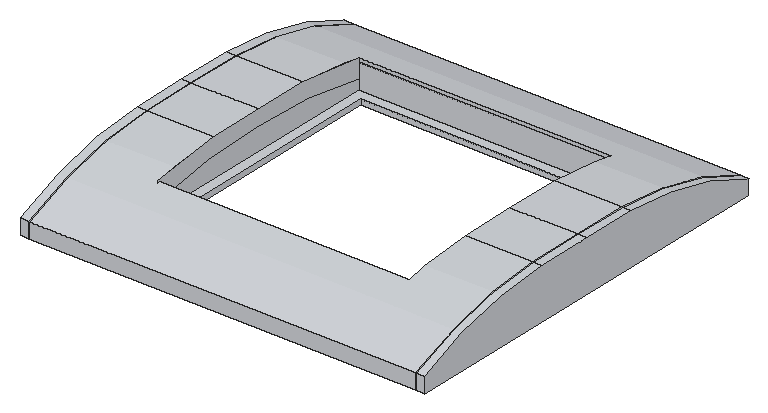
Revit family "Gira_1002728", category Electrical Fixtures, host Face, Revit 2017
Family settings
  Host = Face
  Maintain Annotation Orientation = No
  Round Connector Dimension = Use Diameter
  Part Type = Normal
  Cut with Voids When Loaded = No
  Shared = No
  Room Calculation Point = No
Parameters (values of type "Cov.fr. 2-g w/o cb interm.fr. AN Gira Event Clear white")
  With mounting grid = "No"
  With hinged lid = "No"
  URL = "http://katalog.gira.de/en/datenblatt.html?artikelnr=1002728"
  Type of fastening = "Clamp mounting"
  Transparent = "No"
  Surface protection = "Other"
  Suitable for wall duct = "No"
  Suitable for flush-mounted installation = "Yes"
  Suitable for floor box = "No"
  Suitable for built-in installation = "No"
  Number of units vertical = "2"
  Number of units horizontal = "2"
  Number of units = "2"
  Name = "Cov.fr. 2-g w/o cb interm.fr. AN Gira Event Clear white"
  Mounting direction = "Horizontal and vertical"
  Material quality = "Thermoplastic"
  Material = "Plastic"
  Manufacturer URL = "https://www.gira.de/"
  Manufacturer = "Gira"
  Label space/information surface = "No"
  Keynote = ""
  HeinzeBIM = "https://bimportal.heinze.de/bim/cov-fr-2-g-w-o-cb-interm-fr-an-gira-event-clear-white/c06283749115ef235bf99cd755b27f8dbb7232cb"
  Halogen free = "Yes"
  HAN = "1002728"
  GTIN = "4010337070207"
  Description = "Cov.fr.2g w o cb i.fr.AN EvCl WH,Gira Event Clear cover frame,white with anthracite intermediate frame,2-gang without crossbar,Features:,- Shatter-proof."
  Degree of protection (IP) = "IP20"
  Default Elevation = 1219.2 mm
  Data sheet (1) = "https://katalog.gira.de/en/download.html?artikelnr=1002728"
  Colour = "White"
  Category = "Cover frame for domestic switching devices"
  BIM (1) = "https://media.stage.bim.site/public/gira/36a6b08/Event_Rahmen_2fach o.Mittelsteg.rfa?public/gira/36a6b08/Event_Rahmen_2fach o.Mittelsteg.rfa"
  Available = "No"
Reference planes
  plane 1 "Center (Front/Back)": y = 0
  plane 2: z = 0
  plane 3 "Center (Left/Right)": x = 0
Forms (mm)
  Extrusion 1, solid, detail levels fine
    sketch origin (0, 0, 1.55) x (0, 1, 0) y (0, 0, 1)
      loop
        arc (12.445, 9.683) -> (6.223, 9.833) -> (0, 9.85) r 291.636
        arc (0, 9.85) -> (-6.223, 9.833) -> (-12.445, 9.683) r 291.636
        arc (-12.445, 9.683) -> (-29.14, 7.482) -> (-45, 1.823) r 79.728
        line (-45, 1.823) -> (-45, -1.55) -> (-41.777, -1.55) -> (-41.777, -0.55)
        arc (-41.777, -0.55) -> (-21.205, 4.846) -> (0, 6.467) r 118.15
        arc (0, 6.467) -> (21.205, 4.846) -> (41.777, -0.55) r 118.15
        line (41.777, -0.55) -> (41.777, -1.55) -> (45, -1.55) -> (45, 1.823)
        arc (45, 1.823) -> (29.14, 7.482) -> (12.445, 9.683) r 79.728
    from -43 to 43
  Extrusion 2, void, detail levels fine
    sketch origin (0, 0, 0) x (1, 0, 0) y (0, 1, 0)
      loop
        line (-28, -28) -> (28, -28) -> (28, 28) -> (-28, 28) -> (-28, -28)
    from 2.85 to 12
  Extrusion 3, solid, detail levels coarse
    sketch origin (0, 0, 0) x (1, 0, 0) y (0, 1, 0)
      loop
        line (-45, 45) -> (-45, -45) -> (45, -45) -> (45, 45) -> (-45, 45)
    from 0 to 11.4
  Extrusion 4, solid, detail levels medium
    sketch origin (0, 0, 1.55) x (0, 1, 0) y (0, 0, 1)
      loop
        arc (12.445, 9.683) -> (6.223, 9.833) -> (0, 9.85) r 291.636
        arc (0, 9.85) -> (-6.223, 9.833) -> (-12.445, 9.683) r 291.636
        arc (-12.445, 9.683) -> (-29.14, 7.482) -> (-45, 1.823) r 79.728
        line (-45, 1.823) -> (-45, -1.55) -> (45, -1.55) -> (45, 1.823)
        arc (45, 1.823) -> (29.14, 7.482) -> (12.445, 9.683) r 79.728
    from -45 to 45
  Extrusion 5, solid, detail levels fine
    sketch origin (0, 0, 0) x (0, 1, 0) y (0, 0, 1)
      loop
        arc (45, 3.373) -> (29.14, 9.032) -> (12.445, 11.233) r 79.728
        arc (12.445, 11.233) -> (6.223, 11.383) -> (0, 11.4) r 291.636
        arc (0, 11.4) -> (-6.223, 11.383) -> (-12.445, 11.233) r 291.636
        arc (-12.445, 11.233) -> (-29.14, 9.032) -> (-45, 3.373) r 79.728
        line (-45, 3.373) -> (-45, 0) -> (45, 0) -> (45, 3.373)
    from 43 to 45
  Extrusion 6, solid, detail levels fine
    sketch origin (0, 0, 0) x (0, 1, 0) y (0, 0, -1)
      loop
        line (45, -3.373) -> (45, 0) -> (-45, 0) -> (-45, -3.373)
        arc (-45, -3.373) -> (-29.14, -9.032) -> (-12.445, -11.233) r 79.728
        arc (-12.445, -11.233) -> (-6.223, -11.383) -> (0, -11.4) r 291.636
        arc (0, -11.4) -> (6.223, -11.383) -> (12.445, -11.233) r 291.636
        arc (12.445, -11.233) -> (29.14, -9.032) -> (45, -3.373) r 79.728
    from 43 to 45
  Extrusion 7, solid, detail levels fine
    sketch origin (0, 0, 0) x (1, 0, 0) y (0, 1, 0)
      loop
        line (-25.7, 25.7) -> (-25.7, -25.7) -> (25.7, -25.7) -> (25.7, 25.7) -> (-25.7, 25.7)
      loop
        line (-29.495, 27.895) -> (-29.495, -27.895)
        spline (-29.495, -27.895) -> (-29.486, -28.025) -> (-29.461, -28.154) -> (-29.419, -28.278) -> (-29.361, -28.395) -> (-29.288, -28.504) -> (-29.202, -28.602) -> (-29.104, -28.688) -> (-28.995, -28.761) -> (-28.878, -28.819) -> (-28.754, -28.861) -> (-28.625, -28.886) -> (-28.495, -28.895)
        line (-28.495, -28.895) -> (28.495, -28.895)
        spline (28.495, -28.895) -> (28.625, -28.886) -> (28.754, -28.861) -> (28.878, -28.819) -> (28.995, -28.761) -> (29.104, -28.688) -> (29.202, -28.602) -> (29.288, -28.504) -> (29.361, -28.395) -> (29.419, -28.278) -> (29.461, -28.154) -> (29.486, -28.025) -> (29.495, -27.895)
        line (29.495, -27.895) -> (29.495, 27.895)
        spline (29.495, 27.895) -> (29.486, 28.025) -> (29.461, 28.154) -> (29.419, 28.278) -> (29.361, 28.395) -> (29.288, 28.504) -> (29.202, 28.602) -> (29.104, 28.688) -> (28.995, 28.761) -> (28.878, 28.819) -> (28.754, 28.861) -> (28.625, 28.886) -> (28.495, 28.895)
        line (28.495, 28.895) -> (-28.495, 28.895)
        spline (-28.495, 28.895) -> (-28.625, 28.886) -> (-28.754, 28.861) -> (-28.878, 28.819) -> (-28.995, 28.761) -> (-29.104, 28.688) -> (-29.202, 28.602) -> (-29.288, 28.504) -> (-29.361, 28.395) -> (-29.419, 28.278) -> (-29.461, 28.154) -> (-29.486, 28.025) -> (-29.495, 27.895)
    from 1.673 to 8.5
Cuts and joins
  Extrusion 2 cuts Extrusion 1
  Extrusion 2 cuts Extrusion 7
Dimensions and locks
  aligned and locked: plane 2 to host face
  aligned and locked: level to host face
